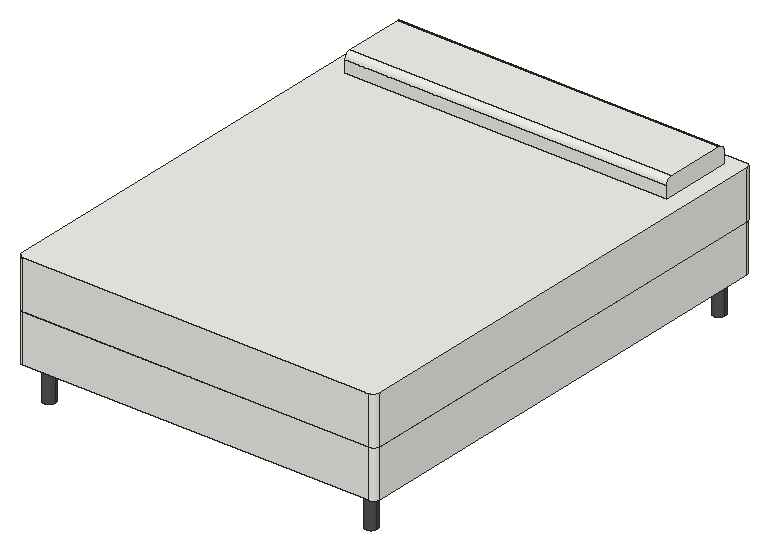
Revit family "Bed-Standard", category Furniture, Revit 2018
Family settings
  OmniClass Number = 23.40.20.17.14.11
  OmniClass Title = Beds
  Work Plane-Based = No
  Always vertical = Yes
  Cut with Voids When Loaded = No
  Shared = No
  Room Calculation Point = No
Parameters (values of type "Queen 60" x 79"")
  Assembly Code = "E2020200"
  Leg Material = Steel, Chrome Plated
  Length = 6' - 7"
  Mattress Material = Linen, White
  Width = 5' - 0"
Types (5): name | Length | Width
  (no name) | 6' - 7" | 5' - 0"
  Double 54" x 75" | 6' - 3" | 4' - 6"
  Twin 38" x 75" | 6' - 3" | 3' - 2"
  Queen 60" x 79" | 6' - 7" | 5' - 0"
  King 78" x 80" | 6' - 8" | 6' - 6"
Reference planes (in)
  plane 1 "Center (Front/Back)": y = -1.79508
  plane 2: z = 0
  plane 3 "Center (Left/Right)": x = 10.68852
  plane 4: y = 37.70492
  plane 5: y = -41.29508
  plane 6: x = 40.68852
  plane 7: x = -19.31148
  plane 8: x = -16.31148
  plane 9: x = 37.68852
  plane 10: y = 34.70492
  plane 11: y = -38.29508
  plane 12: x = -16.31148
  plane 13: x = 37.68852
Forms (in)
  Extrusion 1, solid, material "Linen, White"
    sketch origin (0, 0, 14) x (1, 0, 0) y (0, 1, 0)
      loop
        line (39.68852, 37.70492) -> (-18.31148, 37.70492)
        arc (-18.31148, 37.70492) -> (-19.01858, 37.41202) -> (-19.31148, 36.70492) r 1
        line (-19.31148, 36.70492) -> (-19.31148, -40.29508)
        arc (-19.31148, -40.29508) -> (-19.01858, -41.00219) -> (-18.31148, -41.29508) r 1
        line (-18.31148, -41.29508) -> (39.68852, -41.29508)
        arc (39.68852, -41.29508) -> (40.39563, -41.00219) -> (40.68852, -40.29508) r 1
        line (40.68852, -40.29508) -> (40.68852, 36.70492)
        arc (40.68852, 36.70492) -> (40.39563, 37.41202) -> (39.68852, 37.70492) r 1
    from 0 to 8
  Extrusion 2, solid, material "Steel, Chrome Plated"
    sketch origin (0, 0, 0) x (1, 0, 0) y (0, 1, 0)
      loop
        circle (-16.31148, 34.70492) r 1
      loop
        circle (37.68852, 34.70492) r 1
      loop
        circle (37.68852, -38.29508) r 1
      loop
        circle (-16.31148, -38.29508) r 1
    from 0 to 6
  Extrusion 3, solid, material "Linen, White"
    sketch origin (40.68852, 0, 0) x (0, -1, 0) y (0, 0, 1)
      loop
        line (-35.70492, 22) -> (-23.70492, 22) -> (-23.70492, 24)
        arc (-23.70492, 24) -> (-23.99781, 24.70711) -> (-24.70492, 25) r 1
        line (-24.70492, 25) -> (-34.70492, 25)
        arc (-34.70492, 25) -> (-35.41202, 24.70711) -> (-35.70492, 24) r 1
        line (-35.70492, 24) -> (-35.70492, 22)
    from 3 to 57
  Extrusion 4, solid, material "Linen, White"
    sketch origin (0, 0, 0) x (1, 0, 0) y (0, 1, 0)
      loop
        line (-19.31148, 36.70492) -> (-19.31148, -40.29508)
        arc (-19.31148, -40.29508) -> (-19.01858, -41.00219) -> (-18.31148, -41.29508) r 1
        line (-18.31148, -41.29508) -> (39.68852, -41.29508)
        arc (39.68852, -41.29508) -> (40.39563, -41.00219) -> (40.68852, -40.29508) r 1
        line (40.68852, -40.29508) -> (40.68852, 36.70492)
        arc (40.68852, 36.70492) -> (40.39563, 37.41202) -> (39.68852, 37.70492) r 1
        line (39.68852, 37.70492) -> (-18.31148, 37.70492)
        arc (-18.31148, 37.70492) -> (-19.01858, 37.41202) -> (-19.31148, 36.70492) r 1
    from 6 to 14
Lines and regions (in)
  Masking region 1
    outline origin (0, 0, 0) x (1, 0, 0) y (0, 1, 0)
      loop
        line (-19.31148, 37.70492) -> (-19.31148, -41.29508) -> (40.68852, -41.29508) -> (40.68852, 37.70492) -> (-19.31148, 37.70492)
  symbolic lines
    curve 1: line (-16.31148, 35.70492, 0) -> (37.68852, 35.70492, 0)
    curve 2: line (-16.31148, 35.70492, 0) -> (-16.31148, 23.70492, 0)
    curve 3: line (-16.31148, 23.70492, 0) -> (37.68852, 23.70492, 0)
    curve 4: line (37.68852, 35.70492, 0) -> (37.68852, 23.70492, 0)
    curve 5: line (40.68852, 23.70492, 0) -> (-19.31148, 15.1253, 0)
Dimensions and locks (in)
  equal spacing: plane 7, plane 3 "Center (Left/Right)", plane 6
  equal spacing: plane 5, plane 1 "Center (Front/Back)", plane 4
  "Width": plane 7 to plane 6
  "Length": plane 5 to plane 4
  locked: plane 10 to plane 4 at 3
  locked: plane 5 to plane 11 at 3
  locked: plane 7 to plane 8 at 3
  locked: plane 9 to plane 6 at 3
  locked: plane 7 to plane 12 at 3
  locked: plane 13 to plane 6 at 3
  aligned and locked: Masking region 1 sketch curve to plane 7
  aligned and locked: plane 6 to Masking region 1 sketch curve
  aligned and locked: plane 4 to Masking region 1 sketch curve
  aligned and locked: Masking region 1 sketch curve to plane 5
  aligned and locked: plane 12 to Extrusion 3
  aligned and locked: plane 12 to curve 2
  aligned and locked: Extrusion 3 to plane 13
  aligned and locked: plane 13 to curve 4
  aligned and locked: plane 7 to Extrusion 1 sketch curve
  aligned and locked: Extrusion 1 sketch curve to plane 6
  aligned and locked: Extrusion 1 sketch curve to plane 4
  aligned and locked: plane 5 to Extrusion 1 sketch curve
  aligned and locked: Extrusion 4 sketch curve to plane 4
  aligned and locked: plane 7 to Extrusion 4 sketch curve
  aligned and locked: plane 5 to Extrusion 4 sketch curve
  aligned and locked: Extrusion 4 sketch curve to plane 6
Automatic sketch dimensions
  Extrusion 2 sketch curve to plane 11 = 0' - 0"  (x2)
  Extrusion 2 sketch curve to plane 8 = 0' - 0"  (x2)
  Extrusion 2 sketch curve to plane 10 = 0' - 0"  (x2)
  Extrusion 2 sketch curve to plane 9 = 0' - 0"  (x2)
  Extrusion 2 sketch curve to Extrusion 2 sketch curve = 0' - 1"  (x2)
  Extrusion 2 sketch curve to plane 7 = 0' - 2"
  plane 9 to Extrusion 2 sketch curve = 0' - 1"
  plane 4 to Extrusion 3 sketch curve = 0' - 2"
  Extrusion 3 sketch curve to Extrusion 3 sketch curve = 0' - 1"  (x2)
  Extrusion 3 sketch curve to Extrusion 3 sketch curve = 0' - 2"
  Extrusion 3 sketch curve to Extrusion 3 sketch curve = 0' - 10"
  level to Extrusion 3 sketch curve = 1' - 10"
  curve 5 to plane 1 "Center (Front/Back)" = 1' - 4.92038"
  plane 4 to curve 4 = 1' - 2"
  curve 5 to curve 3 = 0' - 0"
  plane 4 to curve 1 = 0' - 2"
  curve 5 to plane 7 = 0' - 0"
  curve 5 to plane 6 = 0' - 0"
  Extrusion 1 sketch curve to plane 7 = 0' - 1"  (x2)
  plane 6 to Extrusion 1 sketch curve = 0' - 1"
  plane 4 to Extrusion 1 sketch curve = 0' - 1"
  Extrusion 4 sketch curve to Extrusion 4 sketch curve = 0' - 1"  (x2)
  plane 6 to Extrusion 4 sketch curve = 0' - 1"
  plane 4 to Extrusion 4 sketch curve = 0' - 1"
